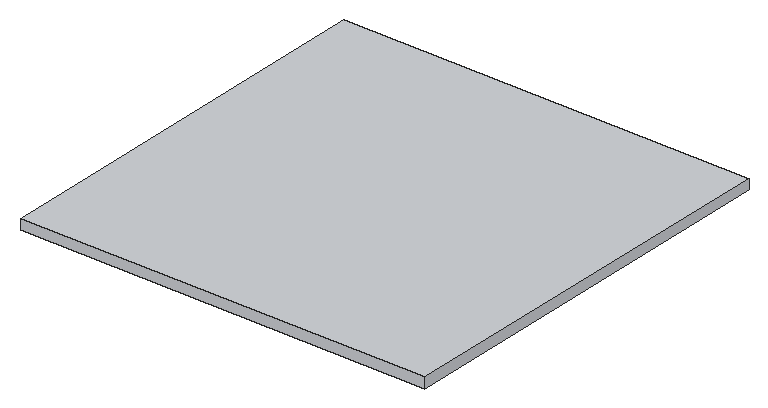
Revit family "90920", category Aparatos sanitarios, Revit 2017
Family settings
  Anfitrión = Cara
  Cota de conector redondo = Diámetro de uso
  Tipo de pieza = Normal
  Número OmniClass = 23.45.55.14
  Título OmniClass = Single Faucets
  Corte con vacíos al cargar = No
  Compartido = No
  Punto de cálculo de habitación = No
Parameters
  URL = "http://www.griferiasgalindo.com"
  Teléfono = "(+34) 915 782 575"
  TIPO DE AGUA = "Fria/Caliente"
  REFERENCIA = "90920"
  Presión Máxima = "Max. 8 bar"
  PESO BRUTO = "1,320 Kg"
  Modelo = "PRESTO XT 2000 - LM"
  Material = LATON CROMADO
  Imagen de tipo = <Ninguno>
  Fabricante = "PRESTO IBÉRICA"
  Default Elevation = 1219.2 mm
  ENTRADA = "Con latiguillos flexibles de 1/2\""
  Descripción = "Grifos temporalizado mezclador para instalación sobre repisa y apertura por pulsador."
  Código de montaje = "C1030220"
  Contacto = "info@prestoiberica.com"
  Conexión AF = yes
  Conexión AC = yes
  Comentarios de tipo = "Cuerpo y pulsador en latón cromado. Piezas inferiores en matieriales resistentes a la corrosión e incrustaciones calcáreas. Cabeza intercambiable.Suministrado con brida, latiguillos flexibles en acero inoxidable de  1/2\" y 350 mm, 2 llaves de paso y juntas. Válvulas antirretorno incorporadas que impiden la intercomunicación de agua fría y caliente. Selección de temperatura por maneta lateral."
  CIERRE = "Automático en 10 seg."
  CAUDAL = "5 l/min\r\n5 l/min"
  Accionamiento = "Mediante pulsador"
Reference planes
  plane 1 "Centro (Frontal/Posterior)": y = 0
  plane 2: z = 0
  plane 3 "Centro (Izquierda/Derecha)": x = 0
Forms (mm)
  Extrusion 1, solid
    sketch origin (0, 0, 0) x (1, 0, 0) y (0, 1, 0)
      loop
        line (-100, 100) -> (-100, -100) -> (100, -100) -> (100, 100) -> (-100, 100)
    from 0 to -5
Dimensions and locks
  Extrusion 1 sketch curve to plane 1 "Centro (Frontal/Posterior)" = 100 mm
  aligned and locked: plane 2 to Extrusion 1
  aligned and locked: level to Extrusion 1
Connectors
  piping at (-9.017, -6.5, 0), diameter 12.7
    settings: on import instance, index 1, connector inside diameter 609.6 mm, connector length 0 mm, flow factor 0, pipe flow 0.0 L/s, pressure drop 0.0 Pa, fitting loss kfactor 0, connector angle 0.00°, fixture units 0, engagement length 0 mm, angle of deflection 0.00°, flow configuration 0, flow direction 1, fitting loss method 0, system type 19, joint type 0, gender type 0, connector reference index -1, connector utility 0, adjustable connector no, is connector primary yes, connector description ""
  piping at (-9.017, 6.5, 0), diameter 12.7
    settings: on import instance, index 2, connector inside diameter 609.6 mm, connector length 0 mm, flow factor 0, pipe flow 0.0 L/s, pressure drop 0.0 Pa, fitting loss kfactor 0, connector angle 0.00°, fixture units 0, engagement length 0 mm, angle of deflection 0.00°, flow configuration 0, flow direction 1, fitting loss method 0, system type 20, joint type 0, gender type 0, connector reference index -1, connector utility 0, adjustable connector no, is connector primary no, connector description ""
